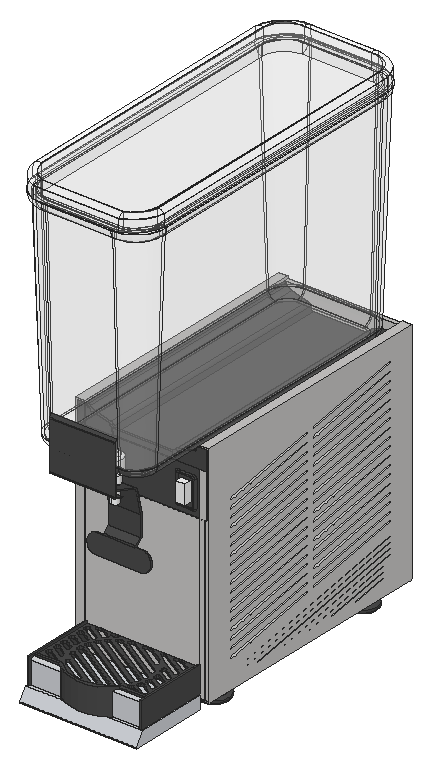
Revit family "QF_Vollrath-VBBE1-37T", category Specialty Equipment, Revit 2018
Family settings
  Round Connector Dimension = Use Diameter
  Part Type = Normal
  Work Plane-Based = No
  Always vertical = Yes
  Cut with Voids When Loaded = Yes
  Shared = No
  Room Calculation Point = No
Parameters (values of type "VBBE1-37-F")
  Weight in Pounds = 39.7
  Watts = 0 W
  Volts = 115 V
  Undercounter Visibility [instance] = no
  Serial Number [instance] = ""
  Refrigerant Type = "R134a"
  Phase = 1
  Model = "VBBE1-37-F"
  Manufacturer = "Vollrath"
  Keynote = ""
  Item Number [instance] = ""
  Installed By = ""
  Foodservice Equipment Identifier = yes
  HP = "-"
  Furnished By = ""
  FL Amps = 3 A
  Electrical Routing [instance] = ""
  Electrical Remarks [instance] = ""
  Electrical Final Connections = ""
  Electric Connection Type = ""
  Elec Conn RI Height = 0"
  Description = "5.28 Gallon Refrigerated Beverage Dispenser"
  Cycle = 60 Hz
  Cost = 0
  Conn Plug = "NEMA 5-15P"
  CSI MasterFormat = ""
  BTUH = 1520.0 Btu/h
  Apparent Power = 0 VA
  Above Counter Visibility [instance] = no
Reference planes (in)
  plane 1 "Unit_Center (F/B)": y = 0
  plane 2: z = 0
  plane 3 "Unit_Center (L/R)": x = 0
  plane 4 "Right": x = 3.645
  plane 5 "Left": x = -3.6675
  plane 6 "Rear": y = 10.7576
  plane 7 "Front": y = -7.75
  plane 8 "Top": z = 26.40625
  plane 9 "Base Cabinet Front": y = -3.27362
  plane 10 "Cabinet Base": z = 0.37402
  plane 11 "Top of Cabinet": z = 12.97075
  plane 12 "Top Trim": z = 14.07311
  plane 13 "Clearance Left": x = -9.675
  plane 14 "Clearance Right": x = 9.64375
  plane 15 "Clearance Rear": y = 16.875
Forms (in)
  Sweep 1, solid, material "QF_Finishes-Clear Plastic"
    path origin (0, 3.74664, 2.7286) x (1, 0, 0) y (0, 1, 0)
      loop
        line (-2.2551, -11.10622) -> (2.2551, -11.10622)
        arc (2.2551, -11.10622) -> (2.85564, -10.64462) -> (3.17382, -9.95724) r 1.58698
        line (3.17382, -9.95724) -> (3.17382, 5.36453)
        arc (3.17382, 5.36453) -> (2.71278, 6.17327) -> (1.84782, 6.51746) r 1.40778
        line (1.84782, 6.51746) -> (-1.84782, 6.51746)
        arc (-1.84782, 6.51746) -> (-2.71161, 6.17429) -> (-3.17326, 5.36758) r 1.40778
        line (-3.17326, 5.36758) -> (-3.17326, -9.96011)
        arc (-3.17326, -9.96011) -> (-2.85472, -10.64576) -> (-2.2551, -11.10622) r 1.58698
    profile origin (0, -7.35958, 2.7286) x (0, 1, 0) y (0, 0, 1)
      loop
        line (-0.47287, 22.88102) -> (-0.01824, 22.88102) -> (-0.01824, 23.6765)
        arc (-0.01824, 23.6765) -> (-0.25795, 23.67763) -> (-0.4652, 23.55719) r 0.45664
        line (-0.4652, 23.55719) -> (-0.47287, 22.88102)
  Extrusion 2, solid, material "QF_Finishes-Clear Plastic"
    sketch origin (0, 3.7403, 1.95584) x (1, 0, 0) y (0, 1, 0)
      loop
        line (-2.15049, -11.11812) -> (2.25892, -11.11812)
        arc (2.25892, -11.11812) -> (2.86473, -10.65608) -> (3.18926, -9.96676) r 1.60522
        line (3.18926, -9.96676) -> (3.18926, 5.42563)
        arc (3.18926, 5.42563) -> (2.86227, 6.21505) -> (2.07284, 6.54204) r 1.11642
        line (2.07284, 6.54204) -> (-2.09748, 6.54204)
        arc (-2.09748, 6.54204) -> (-2.80722, 6.28665) -> (-3.1915, 5.63759) r 1.11388
        line (-3.1915, 5.63759) -> (-3.1915, -9.95554)
        arc (-3.1915, -9.95554) -> (-2.83451, -10.68325) -> (-2.15049, -11.11812) r 1.49663
    from 24.42674 to 24.46291
  Extrusion 3, solid, material "QF_Finishes-Stainless"
    sketch origin (0, 0, 0) x (0, 1, 0) y (0, 0, 1)
      loop
        line (10.7576, 0.80737) -> (10.7576, 13.35433) -> (-3.27362, 13.35433) -> (-3.27362, 0.80737)
        arc (-3.27362, 0.80737) -> (-3.24768, 0.74473) -> (-3.18504, 0.71878) r 0.08858
        line (-3.18504, 0.71878) -> (10.66901, 0.71878)
        arc (10.66901, 0.71878) -> (10.73165, 0.74473) -> (10.7576, 0.80737) r 0.08858
      loop
        line (8.85098, 1.60553) -> (8.83902, 1.67336)
        arc (8.83902, 1.67336) -> (8.80299, 1.6853) -> (8.76503, 1.68493) r 0.11572
        line (8.76503, 1.68493) -> (6.88486, 1.3534)
        arc (6.88486, 1.3534) -> (6.84907, 1.34077) -> (6.81928, 1.31723) r 0.11572
        line (6.81928, 1.31723) -> (6.83124, 1.2494) -> (8.85098, 1.60553)
      loop
        line (8.85098, 1.90536) -> (8.83902, 1.97319)
        arc (8.83902, 1.97319) -> (8.80299, 1.98513) -> (8.76503, 1.98476) r 0.11572
        line (8.76503, 1.98476) -> (5.18444, 1.3534)
        arc (5.18444, 1.3534) -> (5.14864, 1.34077) -> (5.11886, 1.31723) r 0.11572
        line (5.11886, 1.31723) -> (5.13082, 1.2494) -> (8.85098, 1.90536)
      loop
        line (8.85098, 2.20519) -> (8.83902, 2.27302)
        arc (8.83902, 2.27302) -> (8.80299, 2.28496) -> (8.76503, 2.28459) r 0.11572
        line (8.76503, 2.28459) -> (3.48402, 1.3534)
        arc (3.48402, 1.3534) -> (3.44822, 1.34077) -> (3.41843, 1.31723) r 0.11572
        line (3.41843, 1.31723) -> (3.43039, 1.2494) -> (8.85098, 2.20519)
      loop
        line (9.32147, 2.58798) -> (9.30942, 2.65631)
        arc (9.30942, 2.65631) -> (9.27338, 2.66825) -> (9.23542, 2.66788) r 0.11572
        line (9.23542, 2.66788) -> (1.7835, 1.3539)
        arc (1.7835, 1.3539) -> (1.7477, 1.34127) -> (1.71792, 1.31773) r 0.11572
        line (1.71792, 1.31773) -> (1.72997, 1.2494) -> (9.32147, 2.58798)
      loop
        line (9.32147, 2.88782) -> (9.30942, 2.95614)
        arc (9.30942, 2.95614) -> (9.27338, 2.96808) -> (9.23542, 2.96771) r 0.11572
        line (9.23542, 2.96771) -> (0.08308, 1.3539)
        arc (0.08308, 1.3539) -> (0.04728, 1.34127) -> (0.0175, 1.31773) r 0.11572
        line (0.0175, 1.31773) -> (0.02955, 1.2494) -> (9.32147, 2.88782)
      loop
        line (9.32147, 3.18765) -> (9.30942, 3.25598)
        arc (9.30942, 3.25598) -> (9.27338, 3.26791) -> (9.23542, 3.26754) r 0.11572
        line (9.23542, 3.26754) -> (-0.80278, 1.49753)
        arc (-0.80278, 1.49753) -> (-0.83858, 1.4849) -> (-0.86836, 1.46136) r 0.11572
        line (-0.86836, 1.46136) -> (-0.85632, 1.39303) -> (9.32147, 3.18765)
      loop
        line (9.32147, 3.48748) -> (9.30942, 3.55581)
        arc (9.30942, 3.55581) -> (9.27338, 3.56774) -> (9.23542, 3.56737) r 0.11572
        line (9.23542, 3.56737) -> (-0.80278, 1.79736)
        arc (-0.80278, 1.79736) -> (-0.83858, 1.78473) -> (-0.86836, 1.76119) r 0.11572
        line (-0.86836, 1.76119) -> (-0.85632, 1.69286) -> (9.32147, 3.48748)
      loop
        line (9.32185, 4.22424) -> (9.30129, 4.34083)
        arc (9.30129, 4.34083) -> (9.26526, 4.35276) -> (9.22729, 4.35239) r 0.11572
        line (9.22729, 4.35239) -> (4.01542, 3.4334)
        arc (4.01542, 3.4334) -> (3.97963, 3.42076) -> (3.94984, 3.39722) r 0.11572
        line (3.94984, 3.39722) -> (3.9704, 3.28063) -> (9.32185, 4.22424)
      loop
        line (3.58682, 3.213) -> (3.56626, 3.32958)
        arc (3.56626, 3.32958) -> (3.53022, 3.34152) -> (3.49226, 3.34115) r 0.11572
        line (3.49226, 3.34115) -> (-1.71961, 2.42215)
        arc (-1.71961, 2.42215) -> (-1.75541, 2.40952) -> (-1.78519, 2.38598) r 0.11572
        line (-1.78519, 2.38598) -> (-1.76463, 2.26939) -> (3.58682, 3.213)
      loop
        line (9.32185, 4.68766) -> (9.30129, 4.80425)
        arc (9.30129, 4.80425) -> (9.26526, 4.81619) -> (9.22729, 4.81581) r 0.11572
        line (9.22729, 4.81581) -> (4.01542, 3.89682)
        arc (4.01542, 3.89682) -> (3.97963, 3.88419) -> (3.94984, 3.86065) r 0.11572
        line (3.94984, 3.86065) -> (3.9704, 3.74406) -> (9.32185, 4.68766)
      loop
        line (3.58682, 3.67642) -> (3.56626, 3.79301)
        arc (3.56626, 3.79301) -> (3.53022, 3.80494) -> (3.49226, 3.80457) r 0.11572
        line (3.49226, 3.80457) -> (-1.71961, 2.88558)
        arc (-1.71961, 2.88558) -> (-1.75541, 2.87294) -> (-1.78519, 2.8494) r 0.11572
        line (-1.78519, 2.8494) -> (-1.76463, 2.73282) -> (3.58682, 3.67642)
      loop
        line (9.32185, 5.15109) -> (9.30129, 5.26768)
        arc (9.30129, 5.26768) -> (9.26526, 5.27961) -> (9.22729, 5.27924) r 0.11572
        line (9.22729, 5.27924) -> (4.01542, 4.36025)
        arc (4.01542, 4.36025) -> (3.97963, 4.34761) -> (3.94984, 4.32407) r 0.11572
        line (3.94984, 4.32407) -> (3.9704, 4.20748) -> (9.32185, 5.15109)
      loop
        line (3.58682, 4.13985) -> (3.56626, 4.25644)
        arc (3.56626, 4.25644) -> (3.53022, 4.26837) -> (3.49226, 4.268) r 0.11572
        line (3.49226, 4.268) -> (-1.71961, 3.34901)
        arc (-1.71961, 3.34901) -> (-1.75541, 3.33637) -> (-1.78519, 3.31283) r 0.11572
        line (-1.78519, 3.31283) -> (-1.76463, 3.19624) -> (3.58682, 4.13985)
      loop
        line (9.32185, 5.61451) -> (9.30129, 5.7311)
        arc (9.30129, 5.7311) -> (9.26526, 5.74304) -> (9.22729, 5.74267) r 0.11572
        line (9.22729, 5.74267) -> (4.01542, 4.82367)
        arc (4.01542, 4.82367) -> (3.97963, 4.81104) -> (3.94984, 4.7875) r 0.11572
        line (3.94984, 4.7875) -> (3.9704, 4.67091) -> (9.32185, 5.61451)
      loop
        line (3.58682, 4.60327) -> (3.56626, 4.71986)
        arc (3.56626, 4.71986) -> (3.53022, 4.73179) -> (3.49226, 4.73142) r 0.11572
        line (3.49226, 4.73142) -> (-1.71961, 3.81243)
        arc (-1.71961, 3.81243) -> (-1.75541, 3.7998) -> (-1.78519, 3.77626) r 0.11572
        line (-1.78519, 3.77626) -> (-1.76463, 3.65967) -> (3.58682, 4.60327)
      loop
        line (9.32185, 6.07794) -> (9.30129, 6.19453)
        arc (9.30129, 6.19453) -> (9.26526, 6.20646) -> (9.22729, 6.20609) r 0.11572
        line (9.22729, 6.20609) -> (4.01542, 5.2871)
        arc (4.01542, 5.2871) -> (3.97963, 5.27446) -> (3.94984, 5.25092) r 0.11572
        line (3.94984, 5.25092) -> (3.9704, 5.13434) -> (9.32185, 6.07794)
      loop
        line (3.58682, 5.0667) -> (3.56626, 5.18329)
        arc (3.56626, 5.18329) -> (3.53022, 5.19522) -> (3.49226, 5.19485) r 0.11572
        line (3.49226, 5.19485) -> (-1.71961, 4.27586)
        arc (-1.71961, 4.27586) -> (-1.75541, 4.26322) -> (-1.78519, 4.23968) r 0.11572
        line (-1.78519, 4.23968) -> (-1.76463, 4.12309) -> (3.58682, 5.0667)
      loop
        line (9.32185, 6.54137) -> (9.30129, 6.65795)
        arc (9.30129, 6.65795) -> (9.26526, 6.66989) -> (9.22729, 6.66952) r 0.11572
        line (9.22729, 6.66952) -> (4.01542, 5.75052)
        arc (4.01542, 5.75052) -> (3.97963, 5.73789) -> (3.94984, 5.71435) r 0.11572
        line (3.94984, 5.71435) -> (3.9704, 5.59776) -> (9.32185, 6.54137)
      loop
        line (3.58682, 5.53012) -> (3.56626, 5.64671)
        arc (3.56626, 5.64671) -> (3.53022, 5.65864) -> (3.49226, 5.65827) r 0.11572
        line (3.49226, 5.65827) -> (-1.71961, 4.73928)
        arc (-1.71961, 4.73928) -> (-1.75541, 4.72665) -> (-1.78519, 4.70311) r 0.11572
        line (-1.78519, 4.70311) -> (-1.76463, 4.58652) -> (3.58682, 5.53012)
      loop
        line (9.32185, 7.00479) -> (9.30129, 7.12138)
        arc (9.30129, 7.12138) -> (9.26526, 7.13331) -> (9.22729, 7.13294) r 0.11572
        line (9.22729, 7.13294) -> (4.01542, 6.21395)
        arc (4.01542, 6.21395) -> (3.97963, 6.20131) -> (3.94984, 6.17777) r 0.11572
        line (3.94984, 6.17777) -> (3.9704, 6.06119) -> (9.32185, 7.00479)
      loop
        line (3.58682, 5.99355) -> (3.56626, 6.11014)
        arc (3.56626, 6.11014) -> (3.53022, 6.12207) -> (3.49226, 6.1217) r 0.11572
        line (3.49226, 6.1217) -> (-1.71961, 5.20271)
        arc (-1.71961, 5.20271) -> (-1.75541, 5.19007) -> (-1.78519, 5.16653) r 0.11572
        line (-1.78519, 5.16653) -> (-1.76463, 5.04994) -> (3.58682, 5.99355)
      loop
        line (9.32185, 7.46822) -> (9.30129, 7.5848)
        arc (9.30129, 7.5848) -> (9.26526, 7.59674) -> (9.22729, 7.59637) r 0.11572
        line (9.22729, 7.59637) -> (4.01542, 6.67737)
        arc (4.01542, 6.67737) -> (3.97963, 6.66474) -> (3.94984, 6.6412) r 0.11572
        line (3.94984, 6.6412) -> (3.9704, 6.52461) -> (9.32185, 7.46822)
      loop
        line (3.58682, 6.45697) -> (3.56626, 6.57356)
        arc (3.56626, 6.57356) -> (3.53022, 6.5855) -> (3.49226, 6.58512) r 0.11572
        line (3.49226, 6.58512) -> (-1.71961, 5.66613)
        arc (-1.71961, 5.66613) -> (-1.75541, 5.6535) -> (-1.78519, 5.62996) r 0.11572
        line (-1.78519, 5.62996) -> (-1.76463, 5.51337) -> (3.58682, 6.45697)
      loop
        line (9.32185, 7.93164) -> (9.30129, 8.04823)
        arc (9.30129, 8.04823) -> (9.26526, 8.06016) -> (9.22729, 8.05979) r 0.11572
        line (9.22729, 8.05979) -> (4.01542, 7.1408)
        arc (4.01542, 7.1408) -> (3.97963, 7.12816) -> (3.94984, 7.10462) r 0.11572
        line (3.94984, 7.10462) -> (3.9704, 6.98804) -> (9.32185, 7.93164)
      loop
        line (3.58682, 6.9204) -> (3.56626, 7.03699)
        arc (3.56626, 7.03699) -> (3.53022, 7.04892) -> (3.49226, 7.04855) r 0.11572
        line (3.49226, 7.04855) -> (-1.71961, 6.12956)
        arc (-1.71961, 6.12956) -> (-1.75541, 6.11692) -> (-1.78519, 6.09338) r 0.11572
        line (-1.78519, 6.09338) -> (-1.76463, 5.97679) -> (3.58682, 6.9204)
      loop
        line (9.32185, 8.39507) -> (9.30129, 8.51165)
        arc (9.30129, 8.51165) -> (9.26526, 8.52359) -> (9.22729, 8.52322) r 0.11572
        line (9.22729, 8.52322) -> (4.01542, 7.60422)
        arc (4.01542, 7.60422) -> (3.97963, 7.59159) -> (3.94984, 7.56805) r 0.11572
        line (3.94984, 7.56805) -> (3.9704, 7.45146) -> (9.32185, 8.39507)
      loop
        line (3.58682, 7.38382) -> (3.56626, 7.50041)
        arc (3.56626, 7.50041) -> (3.53022, 7.51235) -> (3.49226, 7.51198) r 0.11572
        line (3.49226, 7.51198) -> (-1.71961, 6.59298)
        arc (-1.71961, 6.59298) -> (-1.75541, 6.58035) -> (-1.78519, 6.55681) r 0.11572
        line (-1.78519, 6.55681) -> (-1.76463, 6.44022) -> (3.58682, 7.38382)
      loop
        line (9.32185, 8.85849) -> (9.30129, 8.97508)
        arc (9.30129, 8.97508) -> (9.26526, 8.98701) -> (9.22729, 8.98664) r 0.11572
        line (9.22729, 8.98664) -> (4.01542, 8.06765)
        arc (4.01542, 8.06765) -> (3.97963, 8.05501) -> (3.94984, 8.03147) r 0.11572
        line (3.94984, 8.03147) -> (3.9704, 7.91489) -> (9.32185, 8.85849)
      loop
        line (3.58682, 7.84725) -> (3.56626, 7.96384)
        arc (3.56626, 7.96384) -> (3.53022, 7.97577) -> (3.49226, 7.9754) r 0.11572
        line (3.49226, 7.9754) -> (-1.71961, 7.05641)
        arc (-1.71961, 7.05641) -> (-1.75541, 7.04377) -> (-1.78519, 7.02023) r 0.11572
        line (-1.78519, 7.02023) -> (-1.76463, 6.90364) -> (3.58682, 7.84725)
      loop
        line (9.32185, 9.32192) -> (9.30129, 9.4385)
        arc (9.30129, 9.4385) -> (9.26526, 9.45044) -> (9.22729, 9.45007) r 0.11572
        line (9.22729, 9.45007) -> (4.01542, 8.53107)
        arc (4.01542, 8.53107) -> (3.97963, 8.51844) -> (3.94984, 8.4949) r 0.11572
        line (3.94984, 8.4949) -> (3.9704, 8.37831) -> (9.32185, 9.32192)
      loop
        line (3.58682, 8.31068) -> (3.56626, 8.42726)
        arc (3.56626, 8.42726) -> (3.53022, 8.4392) -> (3.49226, 8.43883) r 0.11572
        line (3.49226, 8.43883) -> (-1.71961, 7.51983)
        arc (-1.71961, 7.51983) -> (-1.75541, 7.5072) -> (-1.78519, 7.48366) r 0.11572
        line (-1.78519, 7.48366) -> (-1.76463, 7.36707) -> (3.58682, 8.31068)
      loop
        line (9.32185, 9.78534) -> (9.30129, 9.90193)
        arc (9.30129, 9.90193) -> (9.26526, 9.91386) -> (9.22729, 9.91349) r 0.11572
        line (9.22729, 9.91349) -> (4.01542, 8.9945)
        arc (4.01542, 8.9945) -> (3.97963, 8.98186) -> (3.94984, 8.95832) r 0.11572
        line (3.94984, 8.95832) -> (3.9704, 8.84174) -> (9.32185, 9.78534)
      loop
        line (3.58682, 8.7741) -> (3.56626, 8.89069)
        arc (3.56626, 8.89069) -> (3.53022, 8.90262) -> (3.49226, 8.90225) r 0.11572
        line (3.49226, 8.90225) -> (-1.71961, 7.98326)
        arc (-1.71961, 7.98326) -> (-1.75541, 7.97062) -> (-1.78519, 7.94708) r 0.11572
        line (-1.78519, 7.94708) -> (-1.76463, 7.8305) -> (3.58682, 8.7741)
      loop
        line (9.32185, 10.24877) -> (9.30129, 10.36535)
        arc (9.30129, 10.36535) -> (9.26526, 10.37729) -> (9.22729, 10.37692) r 0.11572
        line (9.22729, 10.37692) -> (4.01542, 9.45792)
        arc (4.01542, 9.45792) -> (3.97963, 9.44529) -> (3.94984, 9.42175) r 0.11572
        line (3.94984, 9.42175) -> (3.9704, 9.30516) -> (9.32185, 10.24877)
      loop
        line (3.58682, 9.23753) -> (3.56626, 9.35411)
        arc (3.56626, 9.35411) -> (3.53022, 9.36605) -> (3.49226, 9.36568) r 0.11572
        line (3.49226, 9.36568) -> (-1.71961, 8.44668)
        arc (-1.71961, 8.44668) -> (-1.75541, 8.43405) -> (-1.78519, 8.41051) r 0.11572
        line (-1.78519, 8.41051) -> (-1.76463, 8.29392) -> (3.58682, 9.23753)
      loop
        line (9.32185, 10.71219) -> (9.30129, 10.82878)
        arc (9.30129, 10.82878) -> (9.26526, 10.84071) -> (9.22729, 10.84034) r 0.11572
        line (9.22729, 10.84034) -> (4.01542, 9.92135)
        arc (4.01542, 9.92135) -> (3.97963, 9.90871) -> (3.94984, 9.88517) r 0.11572
        line (3.94984, 9.88517) -> (3.9704, 9.76859) -> (9.32185, 10.71219)
      loop
        line (3.58682, 9.70095) -> (3.56626, 9.81754)
        arc (3.56626, 9.81754) -> (3.53022, 9.82947) -> (3.49226, 9.8291) r 0.11572
        line (3.49226, 9.8291) -> (-1.71961, 8.91011)
        arc (-1.71961, 8.91011) -> (-1.75541, 8.89747) -> (-1.78519, 8.87393) r 0.11572
        line (-1.78519, 8.87393) -> (-1.76463, 8.75735) -> (3.58682, 9.70095)
      loop
        line (9.32185, 11.17562) -> (9.30129, 11.2922)
        arc (9.30129, 11.2922) -> (9.26526, 11.30414) -> (9.22729, 11.30377) r 0.11572
        line (9.22729, 11.30377) -> (4.01542, 10.38477)
        arc (4.01542, 10.38477) -> (3.97963, 10.37214) -> (3.94984, 10.3486) r 0.11572
        line (3.94984, 10.3486) -> (3.9704, 10.23201) -> (9.32185, 11.17562)
      loop
        line (3.58682, 10.16438) -> (3.56626, 10.28096)
        arc (3.56626, 10.28096) -> (3.53022, 10.2929) -> (3.49226, 10.29253) r 0.11572
        line (3.49226, 10.29253) -> (-1.71961, 9.37353)
        arc (-1.71961, 9.37353) -> (-1.75541, 9.3609) -> (-1.78519, 9.33736) r 0.11572
        line (-1.78519, 9.33736) -> (-1.76463, 9.22077) -> (3.58682, 10.16438)
      loop
        line (9.32185, 11.63904) -> (9.30129, 11.75563)
        arc (9.30129, 11.75563) -> (9.26526, 11.76756) -> (9.22729, 11.76719) r 0.11572
        line (9.22729, 11.76719) -> (4.01542, 10.8482)
        arc (4.01542, 10.8482) -> (3.97963, 10.83556) -> (3.94984, 10.81202) r 0.11572
        line (3.94984, 10.81202) -> (3.9704, 10.69544) -> (9.32185, 11.63904)
      loop
        line (3.58682, 10.6278) -> (3.56626, 10.74439)
        arc (3.56626, 10.74439) -> (3.53022, 10.75632) -> (3.49226, 10.75595) r 0.11572
        line (3.49226, 10.75595) -> (-1.71961, 9.83696)
        arc (-1.71961, 9.83696) -> (-1.75541, 9.82432) -> (-1.78519, 9.80078) r 0.11572
        line (-1.78519, 9.80078) -> (-1.76463, 9.6842) -> (3.58682, 10.6278)
      loop
        line (9.32185, 12.10307) -> (9.30129, 12.21966)
        arc (9.30129, 12.21966) -> (9.26526, 12.23159) -> (9.22729, 12.23122) r 0.11572
        line (9.22729, 12.23122) -> (4.01542, 11.31223)
        arc (4.01542, 11.31223) -> (3.97963, 11.29959) -> (3.94984, 11.27605) r 0.11572
        line (3.94984, 11.27605) -> (3.9704, 11.15947) -> (9.32185, 12.10307)
      loop
        line (3.58682, 11.09183) -> (3.56626, 11.20842)
        arc (3.56626, 11.20842) -> (3.53022, 11.22035) -> (3.49226, 11.21998) r 0.11572
        line (3.49226, 11.21998) -> (-1.71961, 10.30099)
        arc (-1.71961, 10.30099) -> (-1.75541, 10.28835) -> (-1.78519, 10.26481) r 0.11572
        line (-1.78519, 10.26481) -> (-1.76463, 10.14822) -> (3.58682, 11.09183)
    from -3.6675 to -3.17717
  Extrusion 4, solid, material "QF_Finishes-Black Plastic"
    sketch origin (0, 0, 0) x (1, 0, 0) y (0, 0, 1)
      loop
        line (-3.55, 9.73814) -> (3.55, 9.73814) -> (3.55, 13.26725) -> (3.22835, 13.26725)
        arc (3.22835, 13.26725) -> (3.13884, 13.24576) -> (3.06885, 13.18598) r 0.19715
        arc (3.06885, 13.18598) -> (3.03916, 13.13968) -> (3.00315, 13.0981) r 0.3838
        arc (3.00315, 13.0981) -> (2.87095, 12.99666) -> (2.717, 12.93289) r 0.63833
        line (2.717, 12.93289) -> (1.86181, 12.70374)
        arc (1.86181, 12.70374) -> (1.74573, 12.63647) -> (1.67922, 12.51995) r 0.2576
        line (1.67922, 12.51995) -> (-1.67922, 12.51995)
        arc (-1.67922, 12.51995) -> (-1.74573, 12.63647) -> (-1.86181, 12.70374) r 0.2576
        line (-1.86181, 12.70374) -> (-2.717, 12.93289)
        arc (-2.717, 12.93289) -> (-2.87095, 12.99666) -> (-3.00315, 13.0981) r 0.63833
        arc (-3.00315, 13.0981) -> (-3.03916, 13.13968) -> (-3.06885, 13.18598) r 0.3838
        arc (-3.06885, 13.18598) -> (-3.13884, 13.24576) -> (-3.22835, 13.26725) r 0.19715
        line (-3.22835, 13.26725) -> (-3.55, 13.26725) -> (-3.55, 9.73814)
    from 3.12402 to 3.27362
  Extrusion 5, solid, material "QF_Finishes-Stainless"
    sketch origin (0, 0, 0) x (1, 0, 0) y (0, 0, 1)
      loop
        line (-3.46457, 0.68898) -> (3.46457, 0.68898) -> (3.46457, 9.73814) -> (-3.46457, 9.73814) -> (-3.46457, 0.68898)
    from 3.12402 to 3.27362
  Extrusion 6, solid, material "QF_Finishes-Stainless"
    sketch origin (0, 0, 0) x (1, 0, 0) y (0, 0, 1)
      loop
        line (-3.6675, 0.71878) -> (3.55, 0.71878) -> (3.55, 13.26725) -> (-3.6675, 13.26725) -> (-3.6675, 0.71878)
      loop
        line (2.75362, 2.08631) -> (2.75362, 2.13404) -> (2.63501, 2.23715)
        arc (2.63501, 2.23715) -> (2.60199, 2.25254) -> (2.56595, 2.25782) r 0.12567
        line (2.56595, 2.25782) -> (-2.37374, 2.25782)
        arc (-2.37374, 2.25782) -> (-2.40979, 2.25254) -> (-2.44281, 2.23715) r 0.12567
        line (-2.44281, 2.23715) -> (-2.56142, 2.13404) -> (-2.56142, 2.08631) -> (2.75362, 2.08631)
      loop
        line (2.75362, 2.46032) -> (2.75362, 2.50806) -> (2.63501, 2.61116)
        arc (2.63501, 2.61116) -> (2.60199, 2.62656) -> (2.56595, 2.63184) r 0.12567
        line (2.56595, 2.63184) -> (-2.37374, 2.63184)
        arc (-2.37374, 2.63184) -> (-2.40979, 2.62656) -> (-2.44281, 2.61116) r 0.12567
        line (-2.44281, 2.61116) -> (-2.56142, 2.50806) -> (-2.56142, 2.46032) -> (2.75362, 2.46032)
      loop
        line (2.75362, 2.83434) -> (2.75362, 2.88207) -> (2.63501, 2.98518)
        arc (2.63501, 2.98518) -> (2.60199, 3.00058) -> (2.56595, 3.00586) r 0.12567
        line (2.56595, 3.00586) -> (-2.37374, 3.00586)
        arc (-2.37374, 3.00586) -> (-2.40979, 3.00058) -> (-2.44281, 2.98518) r 0.12567
        line (-2.44281, 2.98518) -> (-2.56142, 2.88207) -> (-2.56142, 2.83434) -> (2.75362, 2.83434)
      loop
        line (2.75362, 3.20835) -> (2.75362, 3.25609) -> (2.63501, 3.35919)
        arc (2.63501, 3.35919) -> (2.60199, 3.37459) -> (2.56595, 3.37987) r 0.12567
        line (2.56595, 3.37987) -> (-2.37374, 3.37987)
        arc (-2.37374, 3.37987) -> (-2.40979, 3.37459) -> (-2.44281, 3.35919) r 0.12567
        line (-2.44281, 3.35919) -> (-2.56142, 3.25609) -> (-2.56142, 3.20835) -> (2.75362, 3.20835)
      loop
        line (2.75362, 3.58237) -> (2.75362, 3.6301) -> (2.63501, 3.73321)
        arc (2.63501, 3.73321) -> (2.60199, 3.74861) -> (2.56595, 3.75389) r 0.12567
        line (2.56595, 3.75389) -> (-2.37374, 3.75389)
        arc (-2.37374, 3.75389) -> (-2.40979, 3.74861) -> (-2.44281, 3.73321) r 0.12567
        line (-2.44281, 3.73321) -> (-2.56142, 3.6301) -> (-2.56142, 3.58237) -> (2.75362, 3.58237)
      loop
        line (2.75362, 3.95639) -> (2.75362, 4.00412) -> (2.63501, 4.10722)
        arc (2.63501, 4.10722) -> (2.60199, 4.12262) -> (2.56595, 4.1279) r 0.12567
        line (2.56595, 4.1279) -> (-2.37374, 4.1279)
        arc (-2.37374, 4.1279) -> (-2.40979, 4.12262) -> (-2.44281, 4.10722) r 0.12567
        line (-2.44281, 4.10722) -> (-2.56142, 4.00412) -> (-2.56142, 3.95639) -> (2.75362, 3.95639)
      loop
        line (2.75362, 4.3304) -> (2.75362, 4.37813) -> (2.63501, 4.48124)
        arc (2.63501, 4.48124) -> (2.60199, 4.49664) -> (2.56595, 4.50192) r 0.12567
        line (2.56595, 4.50192) -> (-2.37374, 4.50192)
        arc (-2.37374, 4.50192) -> (-2.40979, 4.49664) -> (-2.44281, 4.48124) r 0.12567
        line (-2.44281, 4.48124) -> (-2.56142, 4.37813) -> (-2.56142, 4.3304) -> (2.75362, 4.3304)
      loop
        line (2.75362, 4.70442) -> (2.75362, 4.75215) -> (2.63501, 4.85526)
        arc (2.63501, 4.85526) -> (2.60199, 4.87065) -> (2.56595, 4.87594) r 0.12567
        line (2.56595, 4.87594) -> (-2.37374, 4.87594)
        arc (-2.37374, 4.87594) -> (-2.40979, 4.87065) -> (-2.44281, 4.85526) r 0.12567
        line (-2.44281, 4.85526) -> (-2.56142, 4.75215) -> (-2.56142, 4.70442) -> (2.75362, 4.70442)
      loop
        line (2.75362, 5.07843) -> (2.75362, 5.12617) -> (2.63501, 5.22927)
        arc (2.63501, 5.22927) -> (2.60199, 5.24467) -> (2.56595, 5.24995) r 0.12567
        line (2.56595, 5.24995) -> (-2.37374, 5.24995)
        arc (-2.37374, 5.24995) -> (-2.40979, 5.24467) -> (-2.44281, 5.22927) r 0.12567
        line (-2.44281, 5.22927) -> (-2.56142, 5.12617) -> (-2.56142, 5.07843) -> (2.75362, 5.07843)
      loop
        line (2.75362, 5.45245) -> (2.75362, 5.50018) -> (2.63501, 5.60329)
        arc (2.63501, 5.60329) -> (2.60199, 5.61869) -> (2.56595, 5.62397) r 0.12567
        line (2.56595, 5.62397) -> (-2.37374, 5.62397)
        arc (-2.37374, 5.62397) -> (-2.40979, 5.61869) -> (-2.44281, 5.60329) r 0.12567
        line (-2.44281, 5.60329) -> (-2.56142, 5.50018) -> (-2.56142, 5.45245) -> (2.75362, 5.45245)
      loop
        line (2.75362, 5.82646) -> (2.75362, 5.8742) -> (2.63501, 5.9773)
        arc (2.63501, 5.9773) -> (2.60199, 5.9927) -> (2.56595, 5.99798) r 0.12567
        line (2.56595, 5.99798) -> (-2.37374, 5.99798)
        arc (-2.37374, 5.99798) -> (-2.40979, 5.9927) -> (-2.44281, 5.9773) r 0.12567
        line (-2.44281, 5.9773) -> (-2.56142, 5.8742) -> (-2.56142, 5.82646) -> (2.75362, 5.82646)
      loop
        line (2.75362, 6.20048) -> (2.75362, 6.24821) -> (2.63501, 6.35132)
        arc (2.63501, 6.35132) -> (2.60199, 6.36672) -> (2.56595, 6.372) r 0.12567
        line (2.56595, 6.372) -> (-2.37374, 6.372)
        arc (-2.37374, 6.372) -> (-2.40979, 6.36672) -> (-2.44281, 6.35132) r 0.12567
        line (-2.44281, 6.35132) -> (-2.56142, 6.24821) -> (-2.56142, 6.20048) -> (2.75362, 6.20048)
      loop
        line (2.75362, 6.5745) -> (2.75362, 6.62223) -> (2.63501, 6.72534)
        arc (2.63501, 6.72534) -> (2.60199, 6.74073) -> (2.56595, 6.74601) r 0.12567
        line (2.56595, 6.74601) -> (-2.37374, 6.74601)
        arc (-2.37374, 6.74601) -> (-2.40979, 6.74073) -> (-2.44281, 6.72534) r 0.12567
        line (-2.44281, 6.72534) -> (-2.56142, 6.62223) -> (-2.56142, 6.5745) -> (2.75362, 6.5745)
      loop
        line (2.75362, 6.94851) -> (2.75362, 6.99625) -> (2.63501, 7.09935)
        arc (2.63501, 7.09935) -> (2.60199, 7.11475) -> (2.56595, 7.12003) r 0.12567
        line (2.56595, 7.12003) -> (-2.37374, 7.12003)
        arc (-2.37374, 7.12003) -> (-2.40979, 7.11475) -> (-2.44281, 7.09935) r 0.12567
        line (-2.44281, 7.09935) -> (-2.56142, 6.99625) -> (-2.56142, 6.94851) -> (2.75362, 6.94851)
      loop
        line (2.75362, 7.32253) -> (2.75362, 7.37026) -> (2.63501, 7.47337)
        arc (2.63501, 7.47337) -> (2.60199, 7.48876) -> (2.56595, 7.49405) r 0.12567
        line (2.56595, 7.49405) -> (-2.37374, 7.49405)
        arc (-2.37374, 7.49405) -> (-2.40979, 7.48876) -> (-2.44281, 7.47337) r 0.12567
        line (-2.44281, 7.47337) -> (-2.56142, 7.37026) -> (-2.56142, 7.32253) -> (2.75362, 7.32253)
      loop
        line (2.75362, 7.69654) -> (2.75362, 7.74428) -> (2.63501, 7.84738)
        arc (2.63501, 7.84738) -> (2.60199, 7.86278) -> (2.56595, 7.86806) r 0.12567
        line (2.56595, 7.86806) -> (-2.37374, 7.86806)
        arc (-2.37374, 7.86806) -> (-2.40979, 7.86278) -> (-2.44281, 7.84738) r 0.12567
        line (-2.44281, 7.84738) -> (-2.56142, 7.74428) -> (-2.56142, 7.69654) -> (2.75362, 7.69654)
      loop
        line (2.75362, 8.07056) -> (2.75362, 8.11829) -> (2.63501, 8.2214)
        arc (2.63501, 8.2214) -> (2.60199, 8.2368) -> (2.56595, 8.24208) r 0.12567
        line (2.56595, 8.24208) -> (-2.37374, 8.24208)
        arc (-2.37374, 8.24208) -> (-2.40979, 8.2368) -> (-2.44281, 8.2214) r 0.12567
        line (-2.44281, 8.2214) -> (-2.56142, 8.11829) -> (-2.56142, 8.07056) -> (2.75362, 8.07056)
      loop
        line (2.75362, 8.44457) -> (2.75362, 8.49231) -> (2.63501, 8.59541)
        arc (2.63501, 8.59541) -> (2.60199, 8.61081) -> (2.56595, 8.61609) r 0.12567
        line (2.56595, 8.61609) -> (-2.37374, 8.61609)
        arc (-2.37374, 8.61609) -> (-2.40979, 8.61081) -> (-2.44281, 8.59541) r 0.12567
        line (-2.44281, 8.59541) -> (-2.56142, 8.49231) -> (-2.56142, 8.44457) -> (2.75362, 8.44457)
      loop
        line (2.75362, 8.81859) -> (2.75362, 8.86632) -> (2.63501, 8.96943)
        arc (2.63501, 8.96943) -> (2.60199, 8.98483) -> (2.56595, 8.99011) r 0.12567
        line (2.56595, 8.99011) -> (-2.37374, 8.99011)
        arc (-2.37374, 8.99011) -> (-2.40979, 8.98483) -> (-2.44281, 8.96943) r 0.12567
        line (-2.44281, 8.96943) -> (-2.56142, 8.86632) -> (-2.56142, 8.81859) -> (2.75362, 8.81859)
      loop
        line (2.75362, 9.19261) -> (2.75362, 9.24034) -> (2.63501, 9.34345)
        arc (2.63501, 9.34345) -> (2.60199, 9.35884) -> (2.56595, 9.36412) r 0.12567
        line (2.56595, 9.36412) -> (-2.37367, 9.36412)
        arc (-2.37367, 9.36412) -> (-2.40971, 9.35884) -> (-2.44273, 9.34345) r 0.12567
        line (-2.44273, 9.34345) -> (-2.56134, 9.24034) -> (-2.56134, 9.19261) -> (2.75362, 9.19261)
      loop
        line (2.75362, 9.56662) -> (2.75362, 9.61436) -> (2.63501, 9.71746)
        arc (2.63501, 9.71746) -> (2.60199, 9.73286) -> (2.56595, 9.73814) r 0.12567
        line (2.56595, 9.73814) -> (-2.37374, 9.73814)
        arc (-2.37374, 9.73814) -> (-2.40979, 9.73286) -> (-2.44281, 9.71746) r 0.12567
        line (-2.44281, 9.71746) -> (-2.56142, 9.61436) -> (-2.56142, 9.56662) -> (2.75362, 9.56662)
      loop
        line (2.75362, 9.94064) -> (2.75362, 9.98837) -> (2.63501, 10.09148)
        arc (2.63501, 10.09148) -> (2.60199, 10.10687) -> (2.56595, 10.11216) r 0.12567
        line (2.56595, 10.11216) -> (-2.37374, 10.11216)
        arc (-2.37374, 10.11216) -> (-2.40979, 10.10687) -> (-2.44281, 10.09148) r 0.12567
        line (-2.44281, 10.09148) -> (-2.56142, 9.98837) -> (-2.56142, 9.94064) -> (2.75362, 9.94064)
      loop
        line (2.75362, 10.31465) -> (2.75362, 10.36239) -> (2.63501, 10.46549)
        arc (2.63501, 10.46549) -> (2.60199, 10.48089) -> (2.56595, 10.48617) r 0.12567
        line (2.56595, 10.48617) -> (-2.37374, 10.48617)
        arc (-2.37374, 10.48617) -> (-2.40979, 10.48089) -> (-2.44281, 10.46549) r 0.12567
        line (-2.44281, 10.46549) -> (-2.56142, 10.36239) -> (-2.56142, 10.31465) -> (2.75362, 10.31465)
      loop
        line (2.75362, 10.68867) -> (2.75362, 10.7364) -> (2.63501, 10.83951)
        arc (2.63501, 10.83951) -> (2.60199, 10.85491) -> (2.56595, 10.86019) r 0.12567
        line (2.56595, 10.86019) -> (-2.37374, 10.86019)
        arc (-2.37374, 10.86019) -> (-2.40979, 10.85491) -> (-2.44281, 10.83951) r 0.12567
        line (-2.44281, 10.83951) -> (-2.56142, 10.7364) -> (-2.56142, 10.68867) -> (2.75362, 10.68867)
      loop
        line (2.75362, 11.06268) -> (2.75362, 11.11042) -> (2.63501, 11.21352)
        arc (2.63501, 11.21352) -> (2.60199, 11.22892) -> (2.56595, 11.2342) r 0.12567
        line (2.56595, 11.2342) -> (-2.37374, 11.2342)
        arc (-2.37374, 11.2342) -> (-2.40979, 11.22892) -> (-2.44281, 11.21352) r 0.12567
        line (-2.44281, 11.21352) -> (-2.56142, 11.11042) -> (-2.56142, 11.06268) -> (2.75362, 11.06268)
      loop
        line (2.75362, 11.4367) -> (2.75362, 11.48443) -> (2.63501, 11.58754)
        arc (2.63501, 11.58754) -> (2.60199, 11.60294) -> (2.56595, 11.60822) r 0.12567
        line (2.56595, 11.60822) -> (-2.37374, 11.60822)
        arc (-2.37374, 11.60822) -> (-2.40979, 11.60294) -> (-2.44281, 11.58754) r 0.12567
        line (-2.44281, 11.58754) -> (-2.56142, 11.48443) -> (-2.56142, 11.4367) -> (2.75362, 11.4367)
      loop
        line (2.75362, 11.81072) -> (2.75362, 11.85845) -> (2.63501, 11.96156)
        arc (2.63501, 11.96156) -> (2.60199, 11.97695) -> (2.56595, 11.98223) r 0.12567
        line (2.56595, 11.98223) -> (-2.37374, 11.98223)
        arc (-2.37374, 11.98223) -> (-2.40979, 11.97695) -> (-2.44281, 11.96156) r 0.12567
        line (-2.44281, 11.96156) -> (-2.56142, 11.85845) -> (-2.56142, 11.81072) -> (2.75362, 11.81072)
      loop
        line (2.75362, 12.18473) -> (2.75362, 12.23247) -> (2.63501, 12.33557)
        arc (2.63501, 12.33557) -> (2.60199, 12.35097) -> (2.56595, 12.35625) r 0.12567
        line (2.56595, 12.35625) -> (-2.37367, 12.35625)
        arc (-2.37367, 12.35625) -> (-2.40971, 12.35097) -> (-2.44273, 12.33557) r 0.12567
        line (-2.44273, 12.33557) -> (-2.56134, 12.23247) -> (-2.56134, 12.18473) -> (2.75362, 12.18473)
    from -10.7576 to -10.47957
  Revolve 7, solid, material "QF_Finishes-Black Plastic"
    sketch origin (-2.65829, 2.28125, 0) x (0, 1, 0) y (0, 0, 1)
      loop
        line (6.4307, 0.71878) -> (5.9307, 0.71878) -> (5.90967, 0.3175)
        arc (5.90967, 0.3175) -> (5.90114, 0.28329) -> (5.88042, 0.25477) r 0.09238
        line (5.88042, 0.25477) -> (5.63639, 0.15617) -> (5.65129, 0.03478)
        arc (5.65129, 0.03478) -> (5.66148, 0.01019) -> (5.68607, 0) r 0.03478
        line (5.68607, 0) -> (6.4307, 0) -> (6.4307, 0.71878)
      axis (6.4307, 0) -> (6.4307, 0.71878)
    angle from 0 to 360
  Revolve 8, solid, material "QF_Finishes-Black Plastic"
    sketch origin (-2.65829, -7.91744, 0) x (0, 1, 0) y (0, 0, 1)
      loop
        line (6.4307, 0.71878) -> (5.9307, 0.71878) -> (5.90967, 0.3175)
        arc (5.90967, 0.3175) -> (5.90114, 0.28329) -> (5.88042, 0.25477) r 0.09238
        line (5.88042, 0.25477) -> (5.63639, 0.15617) -> (5.65129, 0.03478)
        arc (5.65129, 0.03478) -> (5.66148, 0.01019) -> (5.68607, 0) r 0.03478
        line (5.68607, 0) -> (6.4307, 0) -> (6.4307, 0.71878)
      axis (6.4307, 0) -> (6.4307, 0.71878)
    angle from 0 to 360
  Revolve 9, solid, material "QF_Finishes-Black Plastic"
    sketch origin (2.59171, 2.28125, 0) x (0, 1, 0) y (0, 0, 1)
      loop
        line (6.4307, 0.71878) -> (5.9307, 0.71878) -> (5.90967, 0.3175)
        arc (5.90967, 0.3175) -> (5.90114, 0.28329) -> (5.88042, 0.25477) r 0.09238
        line (5.88042, 0.25477) -> (5.63639, 0.15617) -> (5.65129, 0.03478)
        arc (5.65129, 0.03478) -> (5.66148, 0.01019) -> (5.68607, 0) r 0.03478
        line (5.68607, 0) -> (6.4307, 0) -> (6.4307, 0.71878)
      axis (6.4307, 0) -> (6.4307, 0.71878)
    angle from 0 to 360
  Revolve 10, solid, material "QF_Finishes-Black Plastic"
    sketch origin (2.59171, -7.91744, 0) x (0, 1, 0) y (0, 0, 1)
      loop
        line (6.4307, 0.71878) -> (5.9307, 0.71878) -> (5.90967, 0.3175)
        arc (5.90967, 0.3175) -> (5.90114, 0.28329) -> (5.88042, 0.25477) r 0.09238
        line (5.88042, 0.25477) -> (5.63639, 0.15617) -> (5.65129, 0.03478)
        arc (5.65129, 0.03478) -> (5.66148, 0.01019) -> (5.68607, 0) r 0.03478
        line (5.68607, 0) -> (6.4307, 0) -> (6.4307, 0.71878)
      axis (6.4307, 0) -> (6.4307, 0.71878)
    angle from 0 to 360
  Extrusion 11, solid, material "QF_Finishes-Black Plastic"
    sketch origin (0, 0, 0) x (1, 0, 0) y (0, 1, 0)
      loop
        line (3.18945, -3.12402) -> (-3.14914, -3.12402) -> (-3.14914, -7.27756) -> (-3.05071, -7.27756) -> (-3.05071, -6.9626) -> (-1.68325, -6.9626)
        arc (-1.68325, -6.9626) -> (-1.65302, -6.96863) -> (-1.62741, -6.98581) r 0.07879
        arc (-1.62741, -6.98581) -> (0.01907, -7.67007) -> (1.66554, -6.98581) r 2.323
        arc (1.66554, -6.98581) -> (1.69232, -6.96862) -> (1.72357, -6.9626) r 0.08414
        line (1.72357, -6.9626) -> (3.09102, -6.9626) -> (3.09102, -7.27756) -> (3.18945, -7.27756) -> (3.18945, -3.12402)
      loop
        line (-3.05071, -3.19488) -> (-3.05071, -6.8248) -> (-1.68325, -6.8248)
        arc (-1.68325, -6.8248) -> (-1.60014, -6.84139) -> (-1.52977, -6.88862) r 0.21647
        arc (-1.52977, -6.88862) -> (0.02, -7.53304) -> (1.56978, -6.88862) r 2.18576
        arc (1.56978, -6.88862) -> (1.64015, -6.84139) -> (1.72326, -6.8248) r 0.21647
        line (1.72326, -6.8248) -> (3.09102, -6.8248) -> (3.09102, -3.19488) -> (-3.05071, -3.19488)
    from 1.03543 to 2.48031
  Extrusion 12, solid, material "QF_Finishes-Black Plastic"
    sketch origin (-0.27976, -0.69203, -0.67436) x (0, 1, 0) y (0, 0, 1)
      loop
        arc (-6.7126, 12.77975) -> (-6.69637, 12.72827) -> (-6.65354, 12.69541) r 0.08975
        line (-6.65354, 12.69541) -> (-6.24829, 12.54791) -> (-6.22809, 12.6034) -> (-6.65354, 12.75825) -> (-6.65354, 15.43542) -> (-6.55627, 15.57434) -> (-6.585, 15.63626) -> (-6.69836, 15.47437)
        arc (-6.69836, 15.47437) -> (-6.70895, 15.45289) -> (-6.7126, 15.42921) r 0.07874
        line (-6.7126, 15.42921) -> (-6.7126, 12.77975)
    from -1.53543 to 2.09496
  Revolve 13, solid, material "QF_Finishes-White Rubber"
    sketch origin (0.07813, -0.00627, -0.98853) x (0, 1, 0) y (0, 0, 1)
      loop
        line (-5.26181, 11.33771) -> (-5.26181, 13.7196) -> (-5.58313, 13.7196)
        arc (-5.58313, 13.7196) -> (-5.66215, 13.68687) -> (-5.69488, 13.60785) r 0.11175
        line (-5.69488, 13.60785) -> (-5.6749, 12.85346) -> (-5.57506, 12.85346) -> (-5.57506, 12.36572) -> (-5.49364, 12.33608) -> (-5.49364, 11.33771) -> (-5.26181, 11.33771)
      axis (-5.26181, 11.33771) -> (-5.26181, 13.7196)
    angle from 0 to 360
  Extrusion 14, solid, material "QF_Finishes-Black Plastic"
    sketch origin (0.00781, 0.05623, -0.98853) x (0, 1, 0) y (0, 0, 1)
      loop
        line (-4.89794, 12.05642) -> (-4.5209, 10.64927) -> (-4.5209, 9.50735) -> (-4.87524, 9.24034)
        arc (-4.87524, 9.24034) -> (-4.89988, 9.20972) -> (-4.90703, 9.17106) r 0.08027
        line (-4.90703, 9.17106) -> (-4.84806, 9.16797) -> (-4.83447, 9.19711) -> (-4.4932, 9.45428)
        arc (-4.4932, 9.45428) -> (-4.47012, 9.48203) -> (-4.46184, 9.51717) r 0.07874
        line (-4.46184, 9.51717) -> (-4.46184, 10.65704) -> (-4.8302, 12.03176)
        arc (-4.8302, 12.03176) -> (-4.86865, 12.09212) -> (-4.92901, 12.13057) r 0.16532
        line (-4.92901, 12.13057) -> (-6.9898, 12.88064) -> (-7.01, 12.82515) -> (-4.89794, 12.05642)
    from -0.87952 to 0.8668
  Extrusion 15, solid, material "QF_Finishes-Black Plastic"
    sketch origin (0, -0.40114, -1.21779) x (1, 0, 0) y (0, 0.052336, 0.99863)
      loop
        line (-1.23031, 8.07021) -> (1.23031, 8.07021)
        arc (1.23031, 8.07021) -> (1.77091, 8.61081) -> (1.23031, 9.1514) r 0.5406
        line (1.23031, 9.1514) -> (-1.23031, 9.1514)
        arc (-1.23031, 9.1514) -> (-1.77091, 8.61081) -> (-1.23031, 8.07021) r 0.5406
    from 4.87511 to 4.93413
  Sweep 16, solid, material "QF_Finishes-Clear Plastic"
    path origin (0, 0, 0) x (1, 0, 0) y (0, 1, 0)
      loop
        arc (-2.3069, -6.00035) -> (-2.17234, -6.32521) -> (-1.84748, -6.45977) r 0.45942
        line (-1.84748, -6.45977) -> (1.84782, -6.45977)
        arc (1.84782, -6.45977) -> (2.17447, -6.32446) -> (2.30977, -5.99781) r 0.46195
        line (2.30977, -5.99781) -> (2.30977, 9.13206)
        arc (2.30977, 9.13206) -> (2.17447, 9.45871) -> (1.84782, 9.59402) r 0.46195
        line (1.84782, 9.59402) -> (-1.84748, 9.59402)
        arc (-1.84748, 9.59402) -> (-2.17234, 9.45946) -> (-2.3069, 9.1346) r 0.45942
        line (-2.3069, 9.1346) -> (-2.3069, -6.00035)
    profile origin (-2.3069, 1.56713, 0) x (-1, 0, 0) y (0, 0, 1)
      loop
        line (1.1511, 25.54711) -> (1.01323, 25.54711) -> (0.60808, 13.43579)
        arc (0.60808, 13.43579) -> (0.48758, 13.16469) -> (0.21238, 13.05386) r 0.39514
        line (0.21238, 13.05386) -> (0.22508, 12.90709)
        arc (0.22508, 12.90709) -> (0.59013, 13.08301) -> (0.74651, 13.45684) r 0.57097
        line (0.74651, 13.45684) -> (1.1511, 25.54711)
  Extrusion 17, solid, material "QF_Finishes-Black Plastic"
    sketch origin (0, 0, -0.6875) x (1, 0, 0) y (0, 0, 1)
      loop
        line (-3.54331, 13.95475) -> (-3.54331, 12.85346) -> (3.54331, 12.85346) -> (3.54331, 13.95475) -> (3.22835, 13.95475)
        arc (3.22835, 13.95475) -> (3.13884, 13.93326) -> (3.06885, 13.87348) r 0.19715
        arc (3.06885, 13.87348) -> (3.03916, 13.82718) -> (3.00315, 13.7856) r 0.3838
        arc (3.00315, 13.7856) -> (2.87095, 13.68416) -> (2.717, 13.62039) r 0.63833
        line (2.717, 13.62039) -> (1.86181, 13.39124)
        arc (1.86181, 13.39124) -> (1.74573, 13.32397) -> (1.67922, 13.20745) r 0.2576
        line (1.67922, 13.20745) -> (1.62646, 12.90825) -> (-1.62646, 12.90825) -> (-1.67922, 13.20745)
        arc (-1.67922, 13.20745) -> (-1.74573, 13.32397) -> (-1.86181, 13.39124) r 0.2576
        line (-1.86181, 13.39124) -> (-2.717, 13.62039)
        arc (-2.717, 13.62039) -> (-2.87095, 13.68416) -> (-3.00315, 13.7856) r 0.63833
        arc (-3.00315, 13.7856) -> (-3.03916, 13.82718) -> (-3.06885, 13.87348) r 0.3838
        arc (-3.06885, 13.87348) -> (-3.13884, 13.93326) -> (-3.22835, 13.95475) r 0.19715
        line (-3.22835, 13.95475) -> (-3.54331, 13.95475)
    from -10.7576 to 3.27362
  Extrusion 18, solid, material "Clearance - Code/Mandatory", detail levels coarse
    sketch origin (-7.40625, 0, 0) x (1, 0, 0) y (0, 1, 0)
      loop
        line (11.05125, 10.7576) -> (11.05125, -7.75) -> (17.05, -7.75) -> (17.05, 10.7576) -> (11.05125, 10.7576)
    from 0 to 26.40625
  Extrusion 19, solid, material "Clearance - Code/Mandatory", detail levels coarse
    sketch origin (7.40625, 0, 0) x (-1, 0, 0) y (0, -1, 0)
      loop
        line (11.07375, -10.7576) -> (17.08125, -10.7576) -> (17.08125, 7.75) -> (11.07375, 7.75) -> (11.07375, -10.7576)
    from 0 to 26.40625
  Extrusion 20, solid, material "Clearance - Code/Mandatory", detail levels coarse
    sketch origin (3.67282, -3.20625, 0) x (0, 1, 0) y (-1, 0, 0)
      loop
        line (13.96385, -5.97093) -> (20.08125, -5.97093) -> (20.08125, 13.34782) -> (13.96385, 13.34782) -> (13.96385, -5.97093)
    from 0 to 26.40625
  Sweep 21, solid, material "QF_Finishes-Clear Plastic"
    path origin (0, 0, 0) x (1, 0, 0) y (0, 1, 0)
      loop
        line (1.97575, 9.86597) -> (-1.98, 9.86597)
        arc (-1.98, 9.86597) -> (-2.54709, 9.63108) -> (-2.78198, 9.064) r 0.80197
        line (-2.78198, 9.064) -> (-2.78198, -6.12347)
        arc (-2.78198, -6.12347) -> (-2.53304, -6.72445) -> (-1.93206, -6.97339) r 0.84992
        line (-1.93206, -6.97339) -> (1.91929, -6.97339)
        arc (1.91929, -6.97339) -> (2.53134, -6.71987) -> (2.78485, -6.10782) r 0.86556
        line (2.78485, -6.10782) -> (2.78485, 9.05687)
        arc (2.78485, 9.05687) -> (2.54787, 9.62899) -> (1.97575, 9.86597) r 0.8091
    profile origin (-0.00213, 9.86597, 0) x (0, -1, 0) y (0, 0, 1)
      loop
        arc (-0.85966, 25.54712) -> (-0.7478, 25.16852) -> (-0.42938, 24.93516) r 0.61721
        line (-0.42938, 24.93516) -> (-0.42938, 25.54712) -> (-0.85966, 25.54712)
  Extrusion 22, solid, material "QF_Finishes-Stainless"
    sketch origin (0, 0, 0) x (0, 1, 0) y (0, 0, -1)
      loop
        arc (10.7576, -0.80737) -> (10.73165, -0.74473) -> (10.66901, -0.71878) r 0.08858
        line (10.66901, -0.71878) -> (-3.18504, -0.71878)
        arc (-3.18504, -0.71878) -> (-3.24768, -0.74473) -> (-3.27362, -0.80737) r 0.08858
        line (-3.27362, -0.80737) -> (-3.27362, -13.35433) -> (10.7576, -13.35433) -> (10.7576, -0.80737)
      loop
        line (8.85098, -1.60553) -> (6.83124, -1.2494) -> (6.81928, -1.31723)
        arc (6.81928, -1.31723) -> (6.84907, -1.34077) -> (6.88486, -1.3534) r 0.11572
        line (6.88486, -1.3534) -> (8.76503, -1.68493)
        arc (8.76503, -1.68493) -> (8.80299, -1.6853) -> (8.83902, -1.67336) r 0.11572
        line (8.83902, -1.67336) -> (8.85098, -1.60553)
      loop
        line (8.85098, -1.90536) -> (5.13082, -1.2494) -> (5.11886, -1.31723)
        arc (5.11886, -1.31723) -> (5.14864, -1.34077) -> (5.18444, -1.3534) r 0.11572
        line (5.18444, -1.3534) -> (8.76503, -1.98476)
        arc (8.76503, -1.98476) -> (8.80299, -1.98513) -> (8.83902, -1.97319) r 0.11572
        line (8.83902, -1.97319) -> (8.85098, -1.90536)
      loop
        line (8.85098, -2.20519) -> (3.43039, -1.2494) -> (3.41843, -1.31723)
        arc (3.41843, -1.31723) -> (3.44822, -1.34077) -> (3.48402, -1.3534) r 0.11572
        line (3.48402, -1.3534) -> (8.76503, -2.28459)
        arc (8.76503, -2.28459) -> (8.80299, -2.28496) -> (8.83902, -2.27302) r 0.11572
        line (8.83902, -2.27302) -> (8.85098, -2.20519)
      loop
        line (9.32147, -2.58798) -> (1.72997, -1.2494) -> (1.71792, -1.31773)
        arc (1.71792, -1.31773) -> (1.7477, -1.34127) -> (1.7835, -1.3539) r 0.11572
        line (1.7835, -1.3539) -> (9.23542, -2.66788)
        arc (9.23542, -2.66788) -> (9.27338, -2.66825) -> (9.30942, -2.65631) r 0.11572
        line (9.30942, -2.65631) -> (9.32147, -2.58798)
      loop
        line (9.32147, -2.88782) -> (0.02955, -1.2494) -> (0.0175, -1.31773)
        arc (0.0175, -1.31773) -> (0.04728, -1.34127) -> (0.08308, -1.3539) r 0.11572
        line (0.08308, -1.3539) -> (9.23542, -2.96771)
        arc (9.23542, -2.96771) -> (9.27338, -2.96808) -> (9.30942, -2.95614) r 0.11572
        line (9.30942, -2.95614) -> (9.32147, -2.88782)
      loop
        line (9.32147, -3.18765) -> (-0.85632, -1.39303) -> (-0.86836, -1.46136)
        arc (-0.86836, -1.46136) -> (-0.83858, -1.4849) -> (-0.80278, -1.49753) r 0.11572
        line (-0.80278, -1.49753) -> (9.23542, -3.26754)
        arc (9.23542, -3.26754) -> (9.27338, -3.26791) -> (9.30942, -3.25598) r 0.11572
        line (9.30942, -3.25598) -> (9.32147, -3.18765)
      loop
        line (9.32147, -3.48748) -> (-0.85632, -1.69286) -> (-0.86836, -1.76119)
        arc (-0.86836, -1.76119) -> (-0.83858, -1.78473) -> (-0.80278, -1.79736) r 0.11572
        line (-0.80278, -1.79736) -> (9.23542, -3.56737)
        arc (9.23542, -3.56737) -> (9.27338, -3.56774) -> (9.30942, -3.55581) r 0.11572
        line (9.30942, -3.55581) -> (9.32147, -3.48748)
      loop
        line (9.32185, -4.22424) -> (3.9704, -3.28063) -> (3.94984, -3.39722)
        arc (3.94984, -3.39722) -> (3.97963, -3.42076) -> (4.01542, -3.4334) r 0.11572
        line (4.01542, -3.4334) -> (9.22729, -4.35239)
        arc (9.22729, -4.35239) -> (9.26526, -4.35276) -> (9.30129, -4.34083) r 0.11572
        line (9.30129, -4.34083) -> (9.32185, -4.22424)
      loop
        line (3.58682, -3.213) -> (-1.76463, -2.26939) -> (-1.78519, -2.38598)
        arc (-1.78519, -2.38598) -> (-1.75541, -2.40952) -> (-1.71961, -2.42215) r 0.11572
        line (-1.71961, -2.42215) -> (3.49226, -3.34115)
        arc (3.49226, -3.34115) -> (3.53022, -3.34152) -> (3.56626, -3.32958) r 0.11572
        line (3.56626, -3.32958) -> (3.58682, -3.213)
      loop
        line (9.32185, -4.68766) -> (3.9704, -3.74406) -> (3.94984, -3.86065)
        arc (3.94984, -3.86065) -> (3.97963, -3.88419) -> (4.01542, -3.89682) r 0.11572
        line (4.01542, -3.89682) -> (9.22729, -4.81581)
        arc (9.22729, -4.81581) -> (9.26526, -4.81619) -> (9.30129, -4.80425) r 0.11572
        line (9.30129, -4.80425) -> (9.32185, -4.68766)
      loop
        line (3.58682, -3.67642) -> (-1.76463, -2.73282) -> (-1.78519, -2.8494)
        arc (-1.78519, -2.8494) -> (-1.75541, -2.87294) -> (-1.71961, -2.88558) r 0.11572
        line (-1.71961, -2.88558) -> (3.49226, -3.80457)
        arc (3.49226, -3.80457) -> (3.53022, -3.80494) -> (3.56626, -3.79301) r 0.11572
        line (3.56626, -3.79301) -> (3.58682, -3.67642)
      loop
        line (9.32185, -5.15109) -> (3.9704, -4.20748) -> (3.94984, -4.32407)
        arc (3.94984, -4.32407) -> (3.97963, -4.34761) -> (4.01542, -4.36025) r 0.11572
        line (4.01542, -4.36025) -> (9.22729, -5.27924)
        arc (9.22729, -5.27924) -> (9.26526, -5.27961) -> (9.30129, -5.26768) r 0.11572
        line (9.30129, -5.26768) -> (9.32185, -5.15109)
      loop
        line (3.58682, -4.13985) -> (-1.76463, -3.19624) -> (-1.78519, -3.31283)
        arc (-1.78519, -3.31283) -> (-1.75541, -3.33637) -> (-1.71961, -3.34901) r 0.11572
        line (-1.71961, -3.34901) -> (3.49226, -4.268)
        arc (3.49226, -4.268) -> (3.53022, -4.26837) -> (3.56626, -4.25644) r 0.11572
        line (3.56626, -4.25644) -> (3.58682, -4.13985)
      loop
        line (9.32185, -5.61451) -> (3.9704, -4.67091) -> (3.94984, -4.7875)
        arc (3.94984, -4.7875) -> (3.97963, -4.81104) -> (4.01542, -4.82367) r 0.11572
        line (4.01542, -4.82367) -> (9.22729, -5.74267)
        arc (9.22729, -5.74267) -> (9.26526, -5.74304) -> (9.30129, -5.7311) r 0.11572
        line (9.30129, -5.7311) -> (9.32185, -5.61451)
      loop
        line (3.58682, -4.60327) -> (-1.76463, -3.65967) -> (-1.78519, -3.77626)
        arc (-1.78519, -3.77626) -> (-1.75541, -3.7998) -> (-1.71961, -3.81243) r 0.11572
        line (-1.71961, -3.81243) -> (3.49226, -4.73142)
        arc (3.49226, -4.73142) -> (3.53022, -4.73179) -> (3.56626, -4.71986) r 0.11572
        line (3.56626, -4.71986) -> (3.58682, -4.60327)
      loop
        line (9.32185, -6.07794) -> (3.9704, -5.13434) -> (3.94984, -5.25092)
        arc (3.94984, -5.25092) -> (3.97963, -5.27446) -> (4.01542, -5.2871) r 0.11572
        line (4.01542, -5.2871) -> (9.22729, -6.20609)
        arc (9.22729, -6.20609) -> (9.26526, -6.20646) -> (9.30129, -6.19453) r 0.11572
        line (9.30129, -6.19453) -> (9.32185, -6.07794)
      loop
        line (3.58682, -5.0667) -> (-1.76463, -4.12309) -> (-1.78519, -4.23968)
        arc (-1.78519, -4.23968) -> (-1.75541, -4.26322) -> (-1.71961, -4.27586) r 0.11572
        line (-1.71961, -4.27586) -> (3.49226, -5.19485)
        arc (3.49226, -5.19485) -> (3.53022, -5.19522) -> (3.56626, -5.18329) r 0.11572
        line (3.56626, -5.18329) -> (3.58682, -5.0667)
      loop
        line (9.32185, -6.54137) -> (3.9704, -5.59776) -> (3.94984, -5.71435)
        arc (3.94984, -5.71435) -> (3.97963, -5.73789) -> (4.01542, -5.75052) r 0.11572
        line (4.01542, -5.75052) -> (9.22729, -6.66952)
        arc (9.22729, -6.66952) -> (9.26526, -6.66989) -> (9.30129, -6.65795) r 0.11572
        line (9.30129, -6.65795) -> (9.32185, -6.54137)
      loop
        line (3.58682, -5.53012) -> (-1.76463, -4.58652) -> (-1.78519, -4.70311)
        arc (-1.78519, -4.70311) -> (-1.75541, -4.72665) -> (-1.71961, -4.73928) r 0.11572
        line (-1.71961, -4.73928) -> (3.49226, -5.65827)
        arc (3.49226, -5.65827) -> (3.53022, -5.65864) -> (3.56626, -5.64671) r 0.11572
        line (3.56626, -5.64671) -> (3.58682, -5.53012)
      loop
        line (9.32185, -7.00479) -> (3.9704, -6.06119) -> (3.94984, -6.17777)
        arc (3.94984, -6.17777) -> (3.97963, -6.20131) -> (4.01542, -6.21395) r 0.11572
        line (4.01542, -6.21395) -> (9.22729, -7.13294)
        arc (9.22729, -7.13294) -> (9.26526, -7.13331) -> (9.30129, -7.12138) r 0.11572
        line (9.30129, -7.12138) -> (9.32185, -7.00479)
      loop
        line (3.58682, -5.99355) -> (-1.76463, -5.04994) -> (-1.78519, -5.16653)
        arc (-1.78519, -5.16653) -> (-1.75541, -5.19007) -> (-1.71961, -5.20271) r 0.11572
        line (-1.71961, -5.20271) -> (3.49226, -6.1217)
        arc (3.49226, -6.1217) -> (3.53022, -6.12207) -> (3.56626, -6.11014) r 0.11572
        line (3.56626, -6.11014) -> (3.58682, -5.99355)
      loop
        line (9.32185, -7.46822) -> (3.9704, -6.52461) -> (3.94984, -6.6412)
        arc (3.94984, -6.6412) -> (3.97963, -6.66474) -> (4.01542, -6.67737) r 0.11572
        line (4.01542, -6.67737) -> (9.22729, -7.59637)
        arc (9.22729, -7.59637) -> (9.26526, -7.59674) -> (9.30129, -7.5848) r 0.11572
        line (9.30129, -7.5848) -> (9.32185, -7.46822)
      loop
        line (3.58682, -6.45697) -> (-1.76463, -5.51337) -> (-1.78519, -5.62996)
        arc (-1.78519, -5.62996) -> (-1.75541, -5.6535) -> (-1.71961, -5.66613) r 0.11572
        line (-1.71961, -5.66613) -> (3.49226, -6.58512)
        arc (3.49226, -6.58512) -> (3.53022, -6.5855) -> (3.56626, -6.57356) r 0.11572
        line (3.56626, -6.57356) -> (3.58682, -6.45697)
      loop
        line (9.32185, -7.93164) -> (3.9704, -6.98804) -> (3.94984, -7.10462)
        arc (3.94984, -7.10462) -> (3.97963, -7.12816) -> (4.01542, -7.1408) r 0.11572
        line (4.01542, -7.1408) -> (9.22729, -8.05979)
        arc (9.22729, -8.05979) -> (9.26526, -8.06016) -> (9.30129, -8.04823) r 0.11572
        line (9.30129, -8.04823) -> (9.32185, -7.93164)
      loop
        line (3.58682, -6.9204) -> (-1.76463, -5.97679) -> (-1.78519, -6.09338)
        arc (-1.78519, -6.09338) -> (-1.75541, -6.11692) -> (-1.71961, -6.12956) r 0.11572
        line (-1.71961, -6.12956) -> (3.49226, -7.04855)
        arc (3.49226, -7.04855) -> (3.53022, -7.04892) -> (3.56626, -7.03699) r 0.11572
        line (3.56626, -7.03699) -> (3.58682, -6.9204)
      loop
        line (9.32185, -8.39507) -> (3.9704, -7.45146) -> (3.94984, -7.56805)
        arc (3.94984, -7.56805) -> (3.97963, -7.59159) -> (4.01542, -7.60422) r 0.11572
        line (4.01542, -7.60422) -> (9.22729, -8.52322)
        arc (9.22729, -8.52322) -> (9.26526, -8.52359) -> (9.30129, -8.51165) r 0.11572
        line (9.30129, -8.51165) -> (9.32185, -8.39507)
      loop
        line (3.58682, -7.38382) -> (-1.76463, -6.44022) -> (-1.78519, -6.55681)
        arc (-1.78519, -6.55681) -> (-1.75541, -6.58035) -> (-1.71961, -6.59298) r 0.11572
        line (-1.71961, -6.59298) -> (3.49226, -7.51198)
        arc (3.49226, -7.51198) -> (3.53022, -7.51235) -> (3.56626, -7.50041) r 0.11572
        line (3.56626, -7.50041) -> (3.58682, -7.38382)
      loop
        line (9.32185, -8.85849) -> (3.9704, -7.91489) -> (3.94984, -8.03147)
        arc (3.94984, -8.03147) -> (3.97963, -8.05501) -> (4.01542, -8.06765) r 0.11572
        line (4.01542, -8.06765) -> (9.22729, -8.98664)
        arc (9.22729, -8.98664) -> (9.26526, -8.98701) -> (9.30129, -8.97508) r 0.11572
